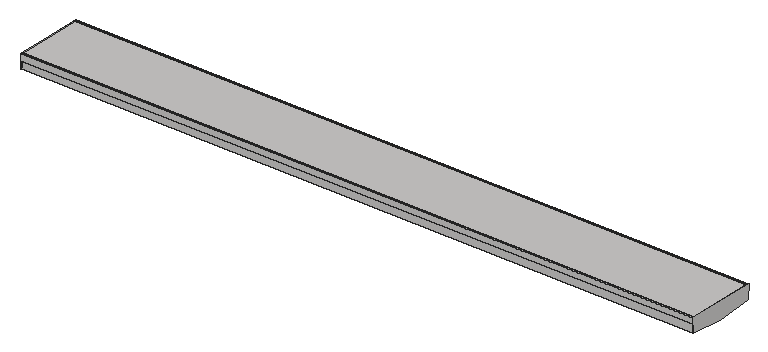
Revit family "PF_ST_BalconyDrain_ACO", category Plumbing Fixtures, Revit 2016 (continued)
Definition of nested family "gratings_BalconyDrain"
  Definition of nested family "ZZZ_do not use_PF_ST_grating for BalconyDrain_ACO"
    Parameters (values of type "std (nested)")
      solids_visible_2 [instance] = yes
      solids_visible_1 [instance] = yes
      region_index = 1  # constant formula
      product_index [instance] = size_lookup(lookup_table_name, "pi", 0, type_index, grating_index)  # 10
      product_assortment_C_ANZRS = "BalconyDrain"  # constant formula
      net_mass_S_ANZRS [instance] = 0.00 kg
      material_C_ANZRS [instance] = none
      lookup_table_name = "BalconyDrain"  # constant formula
      length_C_ANZRS [instance] = 1180 mm
      intended_use_C_ANZRS = if(region_index = 1, "Drainage systems", if(region_index = 2, "Entwässerungssysteme", if(region_index = 3, "Afvoersystemen", "0")))  # "Drainage systems"
      instructions_for_use = "www.acobuildline.com.au/product-support/downloads"
      installation_manual = "www.acobuildline.com.au/product-support/downloads"
      info_technical_C_ANZRS = "www.acobuildline.com.au/products/raintrak/"
      info_commercial_C_ANZRS = "www.acobuildline.com.au/product-support/downloads"
      grating_index [instance] = 4
      e-mail sales = "sales@acoaus.com.au"
      e-mail Technical = "sales@acoaus.com.au"
      description_C_ANZRS [instance] = if(region_index = 1, desc_uk, if(region_index = 2, desc_ge, if(region_index = 3, desc_nl, "0")))  # "Gratings for BalconyDrain"
      desc_uk [instance] = "Gratings for BalconyDrain"  # constant formula
      desc_nl = "-"  # constant formula
      desc_ge = "-"  # constant formula
      content_version_C_ANZRS = "1.0"  # constant formula
      content_creator_C_ANZRS = "ACO Technology Centre, INDIA"  # constant formula
      code_specification_URL_C_ANZRS = ""
      code_gtin_C_ANZRS [instance] = "-"  # constant formula
      code_article_C_ANZRS [instance] = "-"  # constant formula
      URL = "www.acobuildline.com.au"
      Telephone = " +61 2 4747 4000"  # constant formula
      Model = "BalconyDrain"  # constant formula
      Manufacturer = "ACO Pty Ltd"  # constant formula
      IfcExportType = "RECTANGULAR"  # constant formula
      IfcExportAs = "IfcGridType"  # constant formula
      IfcDescription = Description  # "Shallow drainage"
      Fax = " +61 2 4747 4040"  # constant formula
      Description = "Shallow drainage"  # constant formula
      Address = "134-140 Old Bathurst Road, Emu Plains, NSW 2750, Australia"  # constant formula
    Reference planes
      plane 1 "Center (Front/Back)": y = 0
      plane 2: z = 0
      plane 3 "Center (Left/Right)": x = 0
      plane 4: z = -10
    Forms (mm)
      Extrusion 1, solid, material <- "material_C_ANZRS", visible <- "solids_visible_1"
        sketch origin (0, 0, 0) x (1, 0, 0) y (0, 1, 0)
          loop
            line (0, 51.5) -> (0, -51.5) -> (1180, -51.5) -> (1180, 51.5) -> (0, 51.5)
        from 0 to -10
      Extrusion 2, solid, material <- "material_C_ANZRS", visible <- "solids_visible_1"
        sketch origin (0, 0, 0) x (1, 0, 0) y (0, 1, 0)
          loop
            line (0, 51.5) -> (0, 48.5) -> (5, 48.5) -> (5, 51.5) -> (0, 51.5)
          loop
            line (0, -51.5) -> (5, -51.5) -> (5, -48.5) -> (0, -48.5) -> (0, -51.5)
          loop
            line (1180, 51.5) -> (1175, 51.5) -> (1175, 48.5) -> (1180, 48.5) -> (1180, 51.5)
          loop
            line (1180, -51.5) -> (1180, -48.5) -> (1175, -48.5) -> (1175, -51.5) -> (1180, -51.5)
        from -19.7 to -10
      Extrusion 3, solid, material <- "material_C_ANZRS", visible <- "solids_visible_2"
        sketch origin (0, 0, 0) x (1, 0, 0) y (0, 1, 0)
          loop
            line (0, 29.5) -> (0, -29.5) -> (1180, -29.5) -> (1180, 29.5) -> (0, 29.5)
        from 0 to -15 <- "t1"
      Extrusion 4, solid, material <- "material_C_ANZRS", visible <- "solids_visible_2"
        sketch origin (0, 0, 0) x (0, 1, 0) y (0, 0, 1)
          loop
            line (34.5, -15) -> (16.5, -15) -> (16.5, -19.7) -> (34.5, -19.7) -> (34.5, -15)
          loop
            line (-34.5, -15) -> (-34.5, -19.7) -> (-16.5, -19.7) -> (-16.5, -15) -> (-34.5, -15)
        from 0 to 1180
      Extrusion 5, void
        sketch origin (0, 0, 0) x (0, 1, 0) y (0, 0, 1)
          loop
            line (34.5, -15) -> (-34.5, -15) -> (-34.5, -19.7) -> (34.5, -19.7) -> (34.5, -15)
        from 5.191 to 1174.598
    Cuts and joins
      Extrusion 5 cuts Extrusion 1
      Extrusion 5 cuts Extrusion 2
      joined: Extrusion 1, Extrusion 2
      Extrusion 5 cuts Extrusion 3
      Extrusion 5 cuts Extrusion 4
      joined: Extrusion 3, Extrusion 4
    Dimensions and locks
      equal spacing: Extrusion 1 sketch curve, plane 1 "Center (Front/Back)", Extrusion 1 sketch curve
      "width_01_C_ANZRS": Extrusion 1 sketch curve to Extrusion 1 sketch curve
      "length_C_ANZRS": Extrusion 1 sketch curve to Extrusion 1 sketch curve
      level to plane 4 = 10 mm
      locked: nested 1 to Extrusion 1 at 30
      locked: Extrusion 1 to Extrusion 2 sketch curve at 3  (x3)
      locked: Extrusion 1 to Extrusion 2 sketch curve at 5  (x2)
      locked: Extrusion 2 sketch curve to Extrusion 1 at 3
      locked: Extrusion 2 sketch curve to Extrusion 1 at 5  (x2)
      locked: plane 4 to Extrusion 2 at 9.7
      "width_02_C_ANZRS": Extrusion 3 sketch curve to Extrusion 3 sketch curve
      equal spacing: Extrusion 3 sketch curve, plane 1 "Center (Front/Back)", Extrusion 3 sketch curve
      locked: Extrusion 4 sketch curve to Extrusion 3 at 5
      locked: Extrusion 3 to Extrusion 4 sketch curve at 5
      locked: Extrusion 4 sketch curve to Extrusion 4 sketch curve at 18  (x2)
      equal spacing: Extrusion 4 sketch curve, plane 1 "Center (Front/Back)", Extrusion 4 sketch curve
      locked: plane 3 "Center (Left/Right)" to Extrusion 5 at 5.191
      locked: Extrusion 5 to cut or joined group of Extrusion 3, Extrusion 4, Extrusion 5 at 5.402
      locked: Extrusion 4 sketch curve to cut or joined group of Extrusion 3, Extrusion 4, Extrusion 5 at 4.7  (x2)
      aligned and locked: level to plane 2
      aligned and locked: plane 3 "Center (Left/Right)" to Extrusion 1 sketch curve
      aligned and locked: Extrusion 1 to plane 4
      aligned and locked: level to Extrusion 1
      aligned and locked: Extrusion 2 sketch curve to Extrusion 1  (x5)
      aligned and locked: Extrusion 2 sketch curve to plane 3 "Center (Left/Right)"
      aligned and locked: Extrusion 1 to Extrusion 2 sketch curve
      aligned and locked: Extrusion 2 to Extrusion 1
      aligned and locked: plane 3 "Center (Left/Right)" to Extrusion 3 sketch curve
      aligned and locked: Extrusion 3 sketch curve to cut or joined group of Extrusion 1, Extrusion 2, Extrusion 5
      aligned and locked: Extrusion 4 sketch curve to Extrusion 3
      aligned and locked: cut or joined group of Extrusion 1, Extrusion 2, Extrusion 5 to Extrusion 4
      aligned and locked: Extrusion 5 sketch curve to Extrusion 4  (x2)
      aligned and locked: Extrusion 4 to Extrusion 5 sketch curve
      aligned and locked: Extrusion 5 to cut or joined group of Extrusion 3, Extrusion 4, Extrusion 5
    Automatic sketch dimensions
      Extrusion 2 sketch curve to Extrusion 2 sketch curve = 3 mm
      Extrusion 5 sketch curve to Extrusion 5 sketch curve = 4.7 mm
      Extrusion 4 sketch curve to Extrusion 4 sketch curve = 4.7 mm
    Nested families
      nested 1: "Profiline_warning_cross_ACO" at (100, 119.081, 0), visible <- "warning", WARNING <- "warning", type "warning_cross"
        with dikte 20 mm, diameter 200 mm, WARNING no
    Definition of nested family "Profiline_warning_cross_ACO"
      Parameters (values of type "warning_cross")
        material = none
        dikte [instance] = diameter / 10  # 25.5 mm
        diameter [instance] = 255 mm
        WARNING [instance] = yes
        Type Comments = ""
        Model = "LOD400"  # constant formula
      Reference planes
        plane 1 "Center (Front/Back)": y = 0
        plane 2: z = 0
        plane 3 "Center (Left/Right)": x = 0
      Text (mm)
        text "®  Itannex" at (-0.074, 40.744, 0), in view "Ref. Level"
      Dimensions and locks
        "diameter": text3d elem to plane 1 "Center (Front/Back)"
        aligned and locked: level to plane 2
Definition of nested family "ZZZ_do not use_PF_ST_BalconyDrain 25mm_ACO"
  Parameters (values of type "std(nested)")
    width_C_ANZRS [instance] = 90 mm
    t [instance] = 0.7 mm  # constant formula
    region_index = 1  # constant formula
    product_assortment_C_ANZRS [instance] = "BalconyDrain"  # constant formula
    net_mass_S_ANZRS [instance] = 0.00 kg
    material_C_ANZRS [instance] = none
    length_C_ANZRS [instance] = 1100 mm
    intended_use_C_ANZRS = if(region_index = 1, "Drainage systems", if(region_index = 2, "Entwässerungssysteme", if(region_index = 3, "Afvoersystemen", "0")))  # "Drainage systems"
    instructions_for_use = "www.acobuildline.com.au/product-support/downloads"
    installation_manual = "www.acobuildline.com.au/product-support/downloads"
    info_technical_C_ANZRS = "www.acobuildline.com.au/products/balconydrain/"
    info_commercial_C_ANZRS = "www.acobuildline.com.au/product-support/downloads"
    e-mail sales = "sales@acoaus.com.au"
    e-mail Technical = "sales@acoaus.com.au"
    drain_position_9 [instance] = 1500 mm
    drain_position_8 [instance] = 1380 mm
    drain_position_7 [instance] = 1260 mm
    drain_position_6 [instance] = 1140 mm
    drain_position_5 [instance] = 1040 mm
    drain_position_4 [instance] = 820 mm
    drain_position_30 [instance] = 4020 mm
    drain_position_3 [instance] = 440 mm
    drain_position_29 [instance] = 3900 mm
    drain_position_28 [instance] = 3780 mm
    drain_position_27 [instance] = 3660 mm
    drain_position_26 [instance] = 3540 mm
    drain_position_25 [instance] = 3420 mm
    drain_position_24 [instance] = 3300 mm
    drain_position_23 [instance] = 3180 mm
    drain_position_22 [instance] = 3060 mm
    drain_position_21 [instance] = 2940 mm
    drain_position_20 [instance] = 2820 mm
    drain_position_2 [instance] = 200 mm
    drain_position_19 [instance] = 2700 mm
    drain_position_18 [instance] = 2580 mm
    drain_position_17 [instance] = 2460 mm
    drain_position_16 [instance] = 2340 mm
    drain_position_15 [instance] = 2220 mm
    drain_position_14 [instance] = 2100 mm
    drain_position_13 [instance] = 1980 mm
    drain_position_12 [instance] = 1860 mm
    drain_position_11 [instance] = 1740 mm
    drain_position_10 [instance] = 1620 mm
    diameter_C_ANZRS [instance] = 50 mm
    description_C_ANZRS [instance] = "-"  # constant formula
    desc_uk [instance] = "-"  # constant formula
    desc_nl [instance] = "-"  # constant formula
    desc_ge [instance] = "-"  # constant formula
    depth_01_C_ANZRS [instance] = 25 mm  # constant formula
    content_version_C_ANZRS = "1.0"  # constant formula
    content_date_changed_C_ANZRS = ""
    content_creator_C_ANZRS = "ACO Technology Centre, INDIA"  # constant formula
    code_specification_URL_C_ANZRS = "www.acobuildline.com.au/products/balconydrain/"
    code_gtin_C_ANZRS [instance] = "-"  # constant formula
    code_article_C_ANZRS [instance] = "-"  # constant formula
    drain_position_1 [instance] = 50 mm
    URL = "www.acobuildline.com.au"
    Telephone = " +61 2 4747 4000"  # constant formula
    Solid_Visible [instance] = yes
    Model = "BalconyDrain"  # constant formula
    Manufacturer = "ACO Pty Ltd"  # constant formula
    IfcExportType = "USERDEFINED"  # constant formula
    IfcExportAs = "IfcWasteTerminalType"  # constant formula
    IfcDescription = Description  # "Shallow drainage "
    Fax = " +61 2 4747 4040"  # constant formula
    Description = "Shallow drainage "  # constant formula
    Address = "134-140 Old Bathurst Road, Emu Plains, NSW 2750, Australia"  # constant formula
  Reference planes
    plane 1 "Center (Front/Back)": y = 0
    plane 2: z = 0
    plane 3 "Center (Left/Right)": x = 0
    plane 4: z = -25
    plane 5: y = 45
    plane 6: y = -45
    plane 7: z = -25
    plane 8: x = 1100
  Forms (mm)
    Extrusion 1, solid, material <- "material_C_ANZRS", visible <- "Solid_Visible"
      sketch origin (0, 0, 0) x (0, 1, 0) y (0, 0, 1)
        loop
          line (0.121, -23.806) -> (-42.5, -19.729) -> (-42.5, 0) -> (-45, 0) -> (-45, -9.06) -> (-43.7, -9.06) -> (-43.7, -20.813) -> (0, -25) -> (43.7, -20.813) -> (43.7, -9.06) -> (45, -9.06) -> (45, 0) -> (42.5, 0) -> (42.5, -19.729) -> (0, -23.795)
      from 0 to 1099.308
    Extrusion 2, void
      sketch origin (0, 0, 0) x (1, 0, 0) y (0, 1, 0)
        loop
          circle (50, 0.121) r 25
      from -25 to -19.729
    Extrusion 3, solid, material <- "material_C_ANZRS", visible <- "Solid_Visible"
      sketch origin (0, 0, 0) x (0, 1, 0) y (0, 0, 1)
        loop
          line (45, 0.026) -> (-42.499, 0.026) -> (-44.992, 0.026) -> (-44.992, -9.062) -> (-43.706, -9.062) -> (-43.706, -20.813) -> (0, -25) -> (43.7, -20.813) -> (43.7, -9.06) -> (45, -9.06) -> (45, 0.026)
      from 0 to 0.7 <- "t"
    Extrusion 4, solid, material <- "material_C_ANZRS", visible <- "Solid_Visible"
      sketch origin (1353.3, 0, 0) x (0, 1, 0) y (0, 0, -1)
        loop
          line (45, 0) -> (45, 9.06) -> (43.7, 9.06) -> (43.7, 20.813) -> (0, 25) -> (-43.706, 20.813) -> (-43.706, 9.062) -> (-45, 9.062) -> (-45, 0) -> (-42.499, 0) -> (45, 0)
      from 253.3 to 253.992
    Extrusion 5, void
      sketch origin (120, 0, 0) x (1, 0, 0) y (0, 1, 0)
        loop
          circle (80, 0.121) r 25
      from -25 to -19.729
    Extrusion 6, void
      sketch origin (240, 0, 0) x (1, 0, 0) y (0, 1, 0)
        loop
          circle (200, 0.121) r 25
      from -25 to -19.729
    Extrusion 7, void
      sketch origin (360, 0, 0) x (1, 0, 0) y (0, 1, 0)
        loop
          circle (460, 0.121) r 25
      from -25 to -19.729
    Extrusion 8, void
      sketch origin (500, 0, 0) x (1, 0, 0) y (0, 1, 0)
        loop
          circle (540, 0.121) r 25
      from -25 to -19.729
    Extrusion 9, void
      sketch origin (600, 0, 0) x (1, 0, 0) y (0, 1, 0)
        loop
          circle (540, 0.121) r 25
      from -25 to -19.729
    Extrusion 10, void
      sketch origin (720, 0, 0) x (1, 0, 0) y (0, 1, 0)
        loop
          circle (540, 0.121) r 25
      from -25 to -19.729
    Extrusion 11, void
      sketch origin (840, 0, 0) x (1, 0, 0) y (0, 1, 0)
        loop
          circle (540, 0.121) r 25
      from -25 to -19.729
    Extrusion 12, void
      sketch origin (960, 0, 0) x (1, 0, 0) y (0, 1, 0)
        loop
          circle (540, 0.121) r 25
      from -25 to -19.729
    Extrusion 13, void
      sketch origin (1080, 0, 0) x (1, 0, 0) y (0, 1, 0)
        loop
          circle (540, 0.121) r 25
      from -25 to -19.729
    Extrusion 14, void
      sketch origin (1200, 0, 0) x (1, 0, 0) y (0, 1, 0)
        loop
          circle (540, 0.121) r 25
      from -25 to -19.729
    Extrusion 15, void
      sketch origin (1320, 0, 0) x (1, 0, 0) y (0, 1, 0)
        loop
          circle (540, 0.121) r 25
      from -25 to -19.729
    Extrusion 16, void
      sketch origin (1440, 0, 0) x (1, 0, 0) y (0, 1, 0)
        loop
          circle (540, 0.121) r 25
      from -25 to -19.729
    Extrusion 17, void
      sketch origin (1560, 0, 0) x (1, 0, 0) y (0, 1, 0)
        loop
          circle (540, 0.121) r 25
      from -25 to -19.729
    Extrusion 18, void
      sketch origin (1680, 0, 0) x (1, 0, 0) y (0, 1, 0)
        loop
          circle (540, 0.121) r 25
      from -25 to -19.729
    Extrusion 19, void
      sketch origin (1800, 0, 0) x (1, 0, 0) y (0, 1, 0)
        loop
          circle (540, 0.121) r 25
      from -25 to -19.729
    Extrusion 20, void
      sketch origin (1920, 0, 0) x (1, 0, 0) y (0, 1, 0)
        loop
          circle (540, 0.121) r 25
      from -25 to -19.729
    Extrusion 21, void
      sketch origin (2040, 0, 0) x (1, 0, 0) y (0, 1, 0)
        loop
          circle (540, 0.121) r 25
      from -25 to -19.729
    Extrusion 22, void
      sketch origin (2160, 0, 0) x (1, 0, 0) y (0, 1, 0)
        loop
          circle (540, 0.121) r 25
      from -25 to -19.729
    Extrusion 23, void
      sketch origin (2280, 0, 0) x (1, 0, 0) y (0, 1, 0)
        loop
          circle (540, 0.121) r 25
      from -25 to -19.729
    Extrusion 24, void
      sketch origin (2400, 0, 0) x (1, 0, 0) y (0, 1, 0)
        loop
          circle (540, 0.121) r 25
      from -25 to -19.729
    Extrusion 25, void
      sketch origin (2520, 0, 0) x (1, 0, 0) y (0, 1, 0)
        loop
          circle (540, 0.121) r 25
      from -25 to -19.729
    Extrusion 26, void
      sketch origin (2640, 0, 0) x (1, 0, 0) y (0, 1, 0)
        loop
          circle (540, 0.121) r 25
      from -25 to -19.729
    Extrusion 27, void
      sketch origin (2760, 0, 0) x (1, 0, 0) y (0, 1, 0)
        loop
          circle (540, 0.121) r 25
      from -25 to -19.729
    Extrusion 28, void
      sketch origin (2880, 0, 0) x (1, 0, 0) y (0, 1, 0)
        loop
          circle (540, 0.121) r 25
      from -25 to -19.729
    Extrusion 29, void
      sketch origin (3000, 0, 0) x (1, 0, 0) y (0, 1, 0)
        loop
          circle (540, 0.121) r 25
      from -25 to -19.729
    Extrusion 30, void
      sketch origin (3120, 0, 0) x (1, 0, 0) y (0, 1, 0)
        loop
          circle (540, 0.121) r 25
      from -25 to -19.729
    Extrusion 31, void
      sketch origin (3240, 0, 0) x (1, 0, 0) y (0, 1, 0)
        loop
          circle (540, 0.121) r 25
      from -25 to -19.729
    Extrusion 32, void
      sketch origin (3360, 0, 0) x (1, 0, 0) y (0, 1, 0)
        loop
          circle (540, 0.121) r 25
      from -25 to -19.729
    Extrusion 33, void
      sketch origin (3480, 0, 0) x (1, 0, 0) y (0, 1, 0)
        loop
          circle (540, 0.121) r 25
      from -25 to -19.729
  Cuts and joins
    Extrusion 2, Extrusion 5, Extrusion 6, Extrusion 7, Extrusion 8, Extrusion 9, Extrusion 10, Extrusion 11, Extrusion 12, Extrusion 13, Extrusion 14, Extrusion 15, Extrusion 16, Extrusion 17, Extrusion 18, Extrusion 19, Extrusion 20, Extrusion 21, Extrusion 22, Extrusion 23, Extrusion 24, Extrusion 25, Extrusion 26, Extrusion 27, Extrusion 28, Extrusion 29, Extrusion 30, Extrusion 31, Extrusion 32, Extrusion 33 cuts Extrusion 1
    Extrusion 5, Extrusion 6, Extrusion 7 cuts Extrusion 3
    joined: Extrusion 1, Extrusion 3
  Dimensions and locks
    "width_C_ANZRS": plane 5 to plane 6
    locked: plane 5 to Extrusion 1 sketch curve at 2.5
    locked: Extrusion 1 sketch curve to plane 6 at 2.5
    locked: level to Extrusion 1 sketch curve at 9.06  (x2)
    locked: Extrusion 1 sketch curve to Extrusion 1 sketch curve at 1.2
    "depth_01_C_ANZRS": level to Extrusion 1
    equal spacing: plane 5, plane 1 "Center (Front/Back)", plane 6
    locked: Extrusion 4 to plane 8 at 0.692
    "length_C_ANZRS": plane 3 "Center (Left/Right)" to plane 8
    "drain_position_2": plane 3 "Center (Left/Right)" to Extrusion 5 sketch curve
    "drain_position_3": plane 3 "Center (Left/Right)" to Extrusion 6 sketch curve
    "drain_position_4": plane 3 "Center (Left/Right)" to Extrusion 7 sketch curve
    "drain_position_5": plane 3 "Center (Left/Right)" to Extrusion 8 sketch curve
    "drain_position_6": plane 3 "Center (Left/Right)" to Extrusion 9 sketch curve
    "drain_position_7": plane 3 "Center (Left/Right)" to Extrusion 10 sketch curve
    "drain_position_8": plane 3 "Center (Left/Right)" to Extrusion 11 sketch curve
    "drain_position_9": plane 3 "Center (Left/Right)" to Extrusion 12 sketch curve
    "drain_position_10": plane 3 "Center (Left/Right)" to Extrusion 13 sketch curve
    "drain_position_11": plane 3 "Center (Left/Right)" to Extrusion 14 sketch curve
    "drain_position_12": plane 3 "Center (Left/Right)" to Extrusion 15 sketch curve
    "drain_position_13": plane 3 "Center (Left/Right)" to Extrusion 16 sketch curve
    "drain_position_14": plane 3 "Center (Left/Right)" to Extrusion 17 sketch curve
    "drain_position_15": plane 3 "Center (Left/Right)" to Extrusion 18 sketch curve
    "drain_position_16": plane 3 "Center (Left/Right)" to Extrusion 19 sketch curve
    "drain_position_17": plane 3 "Center (Left/Right)" to Extrusion 20 sketch curve
    "drain_position_18": plane 3 "Center (Left/Right)" to Extrusion 21 sketch curve
    "drain_position_19": plane 3 "Center (Left/Right)" to Extrusion 22 sketch curve
    "drain_position_20": plane 3 "Center (Left/Right)" to Extrusion 23 sketch curve
    "drain_position_21": plane 3 "Center (Left/Right)" to Extrusion 24 sketch curve
    "drain_position_22": plane 3 "Center (Left/Right)" to Extrusion 25 sketch curve
    "drain_position_23": plane 3 "Center (Left/Right)" to Extrusion 26 sketch curve
    "drain_position_24": plane 3 "Center (Left/Right)" to Extrusion 27 sketch curve
    "drain_position_25": plane 3 "Center (Left/Right)" to Extrusion 28 sketch curve
    "drain_position_26": plane 3 "Center (Left/Right)" to Extrusion 29 sketch curve
    "drain_position_27": plane 3 "Center (Left/Right)" to Extrusion 30 sketch curve
    "drain_position_28": plane 3 "Center (Left/Right)" to Extrusion 31 sketch curve
    "drain_position_29": plane 3 "Center (Left/Right)" to Extrusion 32 sketch curve
    "drain_position_30": plane 3 "Center (Left/Right)" to Extrusion 33 sketch curve
    "drain_position_1": plane 3 "Center (Left/Right)" to Extrusion 2 sketch curve
    "diameter_C_ANZRS": diameter of Extrusion 2 sketch curve
    "diameter_C_ANZRS": diameter of Extrusion 5 sketch curve
    "diameter_C_ANZRS": diameter of Extrusion 6 sketch curve
    "diameter_C_ANZRS": diameter of Extrusion 7 sketch curve
    "diameter_C_ANZRS": diameter of Extrusion 8 sketch curve
    "diameter_C_ANZRS": diameter of Extrusion 9 sketch curve
    "diameter_C_ANZRS": diameter of Extrusion 10 sketch curve
    "diameter_C_ANZRS": diameter of Extrusion 11 sketch curve
    "diameter_C_ANZRS": diameter of Extrusion 12 sketch curve
    "diameter_C_ANZRS": diameter of Extrusion 13 sketch curve
    "diameter_C_ANZRS": diameter of Extrusion 14 sketch curve
    "diameter_C_ANZRS": diameter of Extrusion 15 sketch curve
    "diameter_C_ANZRS": diameter of Extrusion 16 sketch curve
    "diameter_C_ANZRS": diameter of Extrusion 17 sketch curve
    "diameter_C_ANZRS": diameter of Extrusion 18 sketch curve
    "diameter_C_ANZRS": diameter of Extrusion 19 sketch curve
    "diameter_C_ANZRS": diameter of Extrusion 20 sketch curve
    "diameter_C_ANZRS": diameter of Extrusion 21 sketch curve
    "diameter_C_ANZRS": diameter of Extrusion 22 sketch curve
    "diameter_C_ANZRS": diameter of Extrusion 23 sketch curve
    "diameter_C_ANZRS": diameter of Extrusion 24 sketch curve
    "diameter_C_ANZRS": diameter of Extrusion 25 sketch curve
    "diameter_C_ANZRS": diameter of Extrusion 26 sketch curve
    "diameter_C_ANZRS": diameter of Extrusion 27 sketch curve
    "diameter_C_ANZRS": diameter of Extrusion 28 sketch curve
    "diameter_C_ANZRS": diameter of Extrusion 29 sketch curve
    "diameter_C_ANZRS": diameter of Extrusion 30 sketch curve
    "diameter_C_ANZRS": diameter of Extrusion 31 sketch curve
    "diameter_C_ANZRS": diameter of Extrusion 32 sketch curve
    "diameter_C_ANZRS": diameter of Extrusion 33 sketch curve
    aligned and locked: level to plane 2
    aligned and locked: level to Extrusion 1 sketch curve
    aligned and locked: Extrusion 1 sketch curve to level
    aligned and locked: Extrusion 1 to plane 3 "Center (Left/Right)"
    aligned and locked: Extrusion 1 to plane 5
    aligned and locked: Extrusion 1 to plane 6  (x2)
    aligned and locked: Extrusion 1 to Extrusion 2
    aligned and locked: Extrusion 2 to Extrusion 1
    aligned and locked: level to cut or joined group of Extrusion 1, Extrusion 2, Extrusion 3, Extrusion 5, Extrusion 6, Extrusion 7, Extrusion 8, Extrusion 9, Extrusion 10, Extrusion 11, Extrusion 12, Extrusion 13, Extrusion 14, Extrusion 15, Extrusion 16, Extrusion 17, Extrusion 18, Extrusion 19, Extrusion 20, Extrusion 21, Extrusion 22, Extrusion 23, Extrusion 24, Extrusion 25, Extrusion 26, Extrusion 27, Extrusion 28, Extrusion 29, Extrusion 30, Extrusion 31, Extrusion 32, Extrusion 33  (x2)
    aligned and locked: plane 8 to Extrusion 4
    aligned and locked: level to Extrusion 4 sketch curve
    aligned and locked: Extrusion 4 sketch curve to plane 5
    aligned and locked: Extrusion 4 sketch curve to plane 6
    aligned and locked: Extrusion 1 to Extrusion 4
  Automatic sketch dimensions
    Extrusion 1 sketch curve to plane 6 = 0 mm
    Extrusion 1 sketch curve to plane 1 "Center (Front/Back)" = 0 mm  (x2)
    Extrusion 1 sketch curve to plane 5 = 0 mm
    Extrusion 1 sketch curve to plane 4 = 0 mm
    plane 6 to Extrusion 1 sketch curve = 1.3 mm
    plane 5 to Extrusion 1 sketch curve = 1.3 mm
    plane 7 to Extrusion 1 sketch curve = 4.187 mm  (x2)
    Extrusion 1 sketch curve to Extrusion 1 sketch curve = 1.084 mm  (x2)
    Extrusion 1 sketch curve to plane 1 "Center (Front/Back)" = 0.121 mm
    Extrusion 3 sketch curve to plane 5 = 0 mm
    plane 5 to Extrusion 3 sketch curve = 1.3 mm
    Extrusion 3 sketch curve to plane 7 = 0 mm
    Extrusion 3 sketch curve to plane 1 "Center (Front/Back)" = 0 mm
    level to Extrusion 3 sketch curve = 0.026 mm
    plane 6 to Extrusion 3 sketch curve = 2.501 mm
    plane 6 to Extrusion 3 sketch curve = 1.294 mm
    plane 6 to Extrusion 3 sketch curve = 0.008 mm
    plane 7 to Extrusion 3 sketch curve = 4.187 mm  (x2)
    Extrusion 3 sketch curve to level = 9.062 mm
    Extrusion 3 sketch curve to level = 9.06 mm
    plane 6 to Extrusion 4 sketch curve = 1.294 mm
    plane 6 to Extrusion 4 sketch curve = 2.501 mm
    Extrusion 4 sketch curve to plane 7 = 0 mm
    Extrusion 4 sketch curve to plane 1 "Center (Front/Back)" = 0 mm
    plane 5 to Extrusion 4 sketch curve = 1.3 mm
    Extrusion 4 sketch curve to Extrusion 4 sketch curve = 9.06 mm
    Extrusion 4 sketch curve to Extrusion 4 sketch curve = 9.062 mm
    plane 7 to Extrusion 4 sketch curve = 4.187 mm  (x2)
    Extrusion 2 sketch curve to plane 1 "Center (Front/Back)" = 0.121 mm
    Extrusion 5 sketch curve to plane 1 "Center (Front/Back)" = 0.121 mm
    Extrusion 6 sketch curve to plane 1 "Center (Front/Back)" = 0.121 mm
    Extrusion 7 sketch curve to plane 1 "Center (Front/Back)" = 0.121 mm
    Extrusion 8 sketch curve to plane 1 "Center (Front/Back)" = 0.121 mm
    Extrusion 9 sketch curve to plane 1 "Center (Front/Back)" = 0.121 mm
    Extrusion 10 sketch curve to plane 1 "Center (Front/Back)" = 0.121 mm
    Extrusion 11 sketch curve to plane 1 "Center (Front/Back)" = 0.121 mm
    Extrusion 12 sketch curve to plane 1 "Center (Front/Back)" = 0.121 mm
    Extrusion 13 sketch curve to plane 1 "Center (Front/Back)" = 0.121 mm
    Extrusion 14 sketch curve to plane 1 "Center (Front/Back)" = 0.121 mm
    Extrusion 15 sketch curve to plane 1 "Center (Front/Back)" = 0.121 mm
    Extrusion 16 sketch curve to plane 1 "Center (Front/Back)" = 0.121 mm
    Extrusion 17 sketch curve to plane 1 "Center (Front/Back)" = 0.121 mm
    Extrusion 18 sketch curve to plane 1 "Center (Front/Back)" = 0.121 mm
    Extrusion 19 sketch curve to plane 1 "Center (Front/Back)" = 0.121 mm
    Extrusion 20 sketch curve to plane 1 "Center (Front/Back)" = 0.121 mm
    Extrusion 21 sketch curve to plane 1 "Center (Front/Back)" = 0.121 mm
    Extrusion 22 sketch curve to plane 1 "Center (Front/Back)" = 0.121 mm
    Extrusion 23 sketch curve to plane 1 "Center (Front/Back)" = 0.121 mm
    Extrusion 24 sketch curve to plane 1 "Center (Front/Back)" = 0.121 mm
    Extrusion 25 sketch curve to plane 1 "Center (Front/Back)" = 0.121 mm
    Extrusion 26 sketch curve to plane 1 "Center (Front/Back)" = 0.121 mm
    Extrusion 27 sketch curve to plane 1 "Center (Front/Back)" = 0.121 mm
    Extrusion 28 sketch curve to plane 1 "Center (Front/Back)" = 0.121 mm
    Extrusion 29 sketch curve to plane 1 "Center (Front/Back)" = 0.121 mm
    Extrusion 30 sketch curve to plane 1 "Center (Front/Back)" = 0.121 mm
    Extrusion 31 sketch curve to plane 1 "Center (Front/Back)" = 0.121 mm
    Extrusion 32 sketch curve to plane 1 "Center (Front/Back)" = 0.121 mm
    Extrusion 33 sketch curve to plane 1 "Center (Front/Back)" = 0.121 mm
Types (3, lengths in mm): name | width_01_C_ANZRS | r1 | outlet_number | min_end_dist | width_C_ANZRS | type_index | grating_length | drain_position_calculated_9 | drain_position_calculated_8 | drain_position_calculated_7 | drain_position_calculated_6 | drain_position_calculated_5 | drain_position_calculated_4 | drain_position_calculated_30 | drain_position_calculated_3 | drain_position_calculated_29 | drain_position_calculated_28 | drain_position_calculated_27 | drain_position_calculated_26 | drain_position_calculated_25 | drain_position_calculated_24 | drain_position_calculated_23 | drain_position_calculated_22 | drain_position_calculated_21 | drain_position_calculated_20 | drain_position_calculated_2 | drain_position_calculated_19 | drain_position_calculated_18 | drain_position_calculated_17 | drain_position_calculated_16 | drain_position_calculated_15 | drain_position_calculated_14 | drain_position_calculated_13 | drain_position_calculated_12 | drain_position_calculated_11 | drain_position_calculated_10 | drain_position_9 | drain_position_8 | drain_position_7 | drain_position_6 | drain_position_5 | drain_position_30 | drain_position_3 | drain_position_29 | drain_position_28 | drain_position_27 | drain_position_26 | drain_position_25 | drain_position_24 | drain_position_23 | drain_position_22 | drain_position_21 | drain_position_20 | drain_position_2 | drain_position_19 | drain_position_18 | drain_position_17 | drain_position_16 | drain_position_15 | drain_position_14 | drain_position_13 | drain_position_12 | drain_position_11 | drain_position_10 | description_C_ANZRS | product_index | outlet_dia | length_01_C_ANZRS | gratings | grate_width_tile | grate_width | grating_index | diameter_calculated | connector_position_Z | code_article_C_ANZRS | channel_length | visible_2 | visible_1 | D2_calculated | D1_calculated | Assembly Code
  BalconyDrain - 103 x 40 mm | 103 | 25.4 | 3 | 949.2 | 103 | 3 | 998.5 | 1100 | 1100 | 1100 | 1100 | 1100 | 1100 | 1100 | 876.2 | 1100 | 1100 | 1100 | 1100 | 1100 | 1100 | 1100 | 1100 | 1100 | 1100 | 800 | 1100 | 1100 | 1100 | 1100 | 1100 | 1100 | 1100 | 1100 | 1100 | 1100 | 1000 | 800 | 700 | 600 | 500 | 5000 | 300 | 4800 | 4500 | 4200 | 4000 | 3800 | 3600 | 3400 | 3200 | 3000 | 2800 | 800 | 2600 | 2400 | 2300 | 2100 | 2000 | 1600 | 1500 | 1400 | 1200 | 1100 | "ACO BalconyDrain-103mm wide, 40mm deep channel with Tile grate (nominal)" | 9 | 50 | 1000 | gratings_BalconyDrain : Tile_grating | 87 | 97 | 3 | 50.8 | 40 | "S103-40-T" | 1000 | yes | no | 50.8 | 50.8 | 0
  BalconyDrain - 85 x 25 mm | 85 | 25.4 | 2 | 1449.2 | 85 | 1 | 1498.5 | 1600 | 1600 | 1600 | 1600 | 1600 | 1600 | 1600 | 1600 | 1600 | 1600 | 1600 | 1600 | 1600 | 1600 | 1600 | 1600 | 1600 | 1600 | 900 | 1600 | 1600 | 1600 | 1600 | 1600 | 1600 | 1600 | 1600 | 1600 | 1600 | 1000 | 800 | 700 | 600 | 500 | 5000 | 300 | 4800 | 4500 | 4200 | 4000 | 3800 | 3600 | 3400 | 3200 | 3000 | 2800 | 900 | 2600 | 2400 | 2300 | 2100 | 2000 | 1600 | 1500 | 1400 | 1200 | 1100 | "ACO BalconyDrain-85mm wide, 25mm deep channel with Tile grate (nominal)" | 3 | 50 | 1500 | gratings_BalconyDrain : Tile_grating | 69 | 79 | 3 | 50.8 | 25 | "S85-25-T" | 1500 | no | yes | 50.8 | 50.8 | 0
  BalconyDrain - 103 x 25 mm | 103 | 44.45 | 2 | 911.1 | 103 | 2 | 998.5 | 1100 | 1100 | 1100 | 1100 | 1100 | 1100 | 1100 | 1100 | 1100 | 1100 | 1100 | 1100 | 1100 | 1100 | 1100 | 1100 | 1100 | 1100 | 900 | 1100 | 1100 | 1100 | 1100 | 1100 | 1100 | 1100 | 1100 | 1100 | 1100 | 1400 | 1200 | 1000 | 800 | 600 | 5600 | 1000 | 5400 | 5200 | 5000 | 4800 | 4600 | 4400 | 4200 | 4000 | 3800 | 3600 | 900 | 3400 | 3200 | 3000 | 2800 | 2600 | 2400 | 2200 | 2000 | 1800 | 1600 | "ACO BalconyDrain-103mm wide, 25mm deep channel with Linéaire grate (nominal)" | 5 | 101 | 1000 | gratings_BalconyDrain : Linéaire_grating | 87 | 97 | 2 | 88.9 | 25 | "S103-25-L" | 1000 | no | yes | 88.9 | 76.2 | "D2040300"
